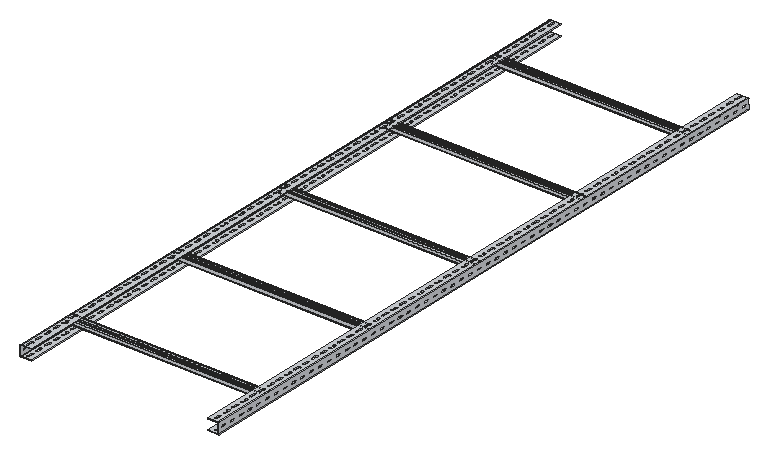
Revit family "steigeleiter_900_FT", category Generic Models, Revit 2017 (continued)
Dimensions and locks
  locked: Extrusion 346 sketch curve to Extrusion 346 sketch curve at 11
  locked: Extrusion 347 sketch curve to Extrusion 347 sketch curve at 11
  locked: Extrusion 348 sketch curve to Extrusion 348 sketch curve at 11
  locked: Extrusion 349 sketch curve to Extrusion 349 sketch curve at 11
  locked: Extrusion 350 sketch curve to Extrusion 350 sketch curve at 11
  locked: Extrusion 351 sketch curve to Extrusion 351 sketch curve at 11
  locked: Extrusion 352 sketch curve to Extrusion 352 sketch curve at 11
  locked: Extrusion 353 sketch curve to Extrusion 353 sketch curve at 11
  locked: Extrusion 354 sketch curve to Extrusion 354 sketch curve at 11
  locked: Extrusion 355 sketch curve to Extrusion 355 sketch curve at 11
  locked: Extrusion 356 sketch curve to Extrusion 356 sketch curve at 11
  locked: Extrusion 357 sketch curve to Extrusion 357 sketch curve at 11
  locked: Extrusion 358 sketch curve to Extrusion 358 sketch curve at 11
  locked: Extrusion 359 sketch curve to Extrusion 359 sketch curve at 11
  locked: Extrusion 360 sketch curve to Extrusion 360 sketch curve at 11
  locked: Extrusion 361 sketch curve to Extrusion 361 sketch curve at 11
  group 357 to group 358 = 0 mm  (x2)
  group 357 to group 358 = 50 mm
  "Length 2": plane 1 "Center (Front/Back)" to plane 6
  locked: Extrusion 362 sketch curve to Extrusion 362 sketch curve at 2  (x5)
  locked: Extrusion 362 sketch curve to Extrusion 362 sketch curve at 3.5
  locked: Extrusion 363 sketch curve to Extrusion 363 sketch curve at 2  (x5)
  locked: Extrusion 363 sketch curve to Extrusion 363 sketch curve at 3.5
  equal spacing: group 359, group 360, group 361, group 362, group 363  (x3)
  locked: Extrusion 364 sketch curve to Extrusion 364 sketch curve at 2  (x5)
  locked: Extrusion 364 sketch curve to Extrusion 364 sketch curve at 3.5
  locked: Extrusion 365 sketch curve to Extrusion 365 sketch curve at 2  (x5)
  locked: Extrusion 365 sketch curve to Extrusion 365 sketch curve at 3.5
  locked: Extrusion 366 sketch curve to Extrusion 366 sketch curve at 2  (x5)
  locked: Extrusion 366 sketch curve to Extrusion 366 sketch curve at 3.5
  aligned and locked: level to plane 2
  aligned and locked: Extrusion 1 sketch curve to level
  aligned and locked: level to Extrusion 1 sketch curve
  aligned and locked: plane 5 to Extrusion 1
  aligned and locked: Extrusion 1 to level
  aligned and locked: Extrusion 1 to Extrusion 2  (x2)
  aligned and locked: Extrusion 1 to Extrusion 62  (x2)
  aligned and locked: cut or joined group 1 (Extrusion 1, Extrusion 2, Extrusion 3, Extrusion 4, Extrusion 5, Extrusion 6, Extrusion 7, Extrusion 8, Extrusion 9, Extrusion 10, Extrusion 11, Extrusion 12, Extrusion 13, Extrusion 14, Extrusion 15, Extrusion 16, Extrusion 17, Extrusion 18, Extrusion 19, Extrusion 20, Extrusion 21, Extrusion 22, Extrusion 23, Extrusion 24, Extrusion 25, Extrusion 26, Extrusion 27, Extrusion 28, Extrusion 29, Extrusion 30, Extrusion 31, Extrusion 32, Extrusion 33, Extrusion 34, Extrusion 35, Extrusion 36, Extrusion 37, Extrusion 38, Extrusion 39, Extrusion 40, Extrusion 41, Extrusion 42, Extrusion 43, Extrusion 44, Extrusion 45, Extrusion 46, Extrusion 47, Extrusion 48, Extrusion 49, Extrusion 50, Extrusion 51, Extrusion 52, Extrusion 53, Extrusion 54, Extrusion 55, Extrusion 56, Extrusion 57, Extrusion 58, Extrusion 59, Extrusion 60, Extrusion 61, Extrusion 62, Extrusion 63, Extrusion 64, Extrusion 65, Extrusion 66, Extrusion 67, Extrusion 68, Extrusion 69, Extrusion 70, Extrusion 71, Extrusion 72, Extrusion 73, Extrusion 74, Extrusion 75, Extrusion 76, Extrusion 77, Extrusion 78, Extrusion 79, Extrusion 80, Extrusion 81, Extrusion 82, Extrusion 83, Extrusion 84, Extrusion 85, Extrusion 86, Extrusion 87, Extrusion 88, Extrusion 89, Extrusion 90, Extrusion 91, Extrusion 92, Extrusion 93, Extrusion 94, Extrusion 95, Extrusion 96, Extrusion 97, Extrusion 98, Extrusion 99, Extrusion 100, Extrusion 101, Extrusion 102, Extrusion 103, Extrusion 104, Extrusion 105, Extrusion 106, Extrusion 107, Extrusion 108, Extrusion 109, Extrusion 110, Extrusion 111, Extrusion 112, Extrusion 113, Extrusion 114, Extrusion 115, Extrusion 116, Extrusion 117, Extrusion 118, Extrusion 119, Extrusion 120, Extrusion 121, Extrusion 122, Extrusion 123, Extrusion 124, Extrusion 125, Extrusion 126, Extrusion 127, Extrusion 128, Extrusion 129, Extrusion 130, Extrusion 131, Extrusion 132, Extrusion 133, Extrusion 134, Extrusion 135, Extrusion 136, Extrusion 137, Extrusion 138, Extrusion 139, Extrusion 140, Extrusion 141, Extrusion 142, Extrusion 143, Extrusion 144, Extrusion 145, Extrusion 146, Extrusion 147, Extrusion 148, Extrusion 149, Extrusion 150, Extrusion 151, Extrusion 152, Extrusion 153, Extrusion 154, Extrusion 155, Extrusion 156, Extrusion 157, Extrusion 158, Extrusion 159, Extrusion 160, Extrusion 161, Extrusion 162, Extrusion 163, Extrusion 164, Extrusion 165, Extrusion 166, Extrusion 167, Extrusion 168, Extrusion 169, Extrusion 170, Extrusion 171, Extrusion 172, Extrusion 173, Extrusion 174, Extrusion 175, Extrusion 176, Extrusion 177, Extrusion 178, Extrusion 179, Extrusion 180, Extrusion 181, Extrusion 182, Extrusion 183, Extrusion 184, Extrusion 185, Extrusion 186, Extrusion 187, Extrusion 188, Extrusion 189, Extrusion 190, Extrusion 191, Extrusion 192, Extrusion 193, Extrusion 194, Extrusion 195, Extrusion 196, Extrusion 197, Extrusion 198, Extrusion 199, Extrusion 200, Extrusion 201, Extrusion 202, Extrusion 203, Extrusion 204, Extrusion 205, Extrusion 206, Extrusion 207, Extrusion 208, Extrusion 209, Extrusion 210, Extrusion 211, Extrusion 212, Extrusion 213, Extrusion 214, Extrusion 215, Extrusion 216, Extrusion 217, Extrusion 218, Extrusion 219, Extrusion 220, Extrusion 221, Extrusion 222, Extrusion 223, Extrusion 224, Extrusion 225, Extrusion 226, Extrusion 227, Extrusion 228, Extrusion 229, Extrusion 230, Extrusion 231, Extrusion 232, Extrusion 233, Extrusion 234, Extrusion 235, Extrusion 236, Extrusion 237, Extrusion 238, Extrusion 239, Extrusion 240, Extrusion 241, Extrusion 242, Extrusion 243, Extrusion 244, Extrusion 245, Extrusion 246, Extrusion 247, Extrusion 248, Extrusion 249, Extrusion 250, Extrusion 251, Extrusion 252, Extrusion 253, Extrusion 254, Extrusion 255, Extrusion 256, Extrusion 257, Extrusion 258, Extrusion 259, Extrusion 260, Extrusion 261, Extrusion 262, Extrusion 263, Extrusion 264, Extrusion 265, Extrusion 266, Extrusion 267, Extrusion 268, Extrusion 269, Extrusion 270, Extrusion 271, Extrusion 272, Extrusion 273, Extrusion 274, Extrusion 275, Extrusion 276, Extrusion 277, Extrusion 278, Extrusion 279, Extrusion 280, Extrusion 281, Extrusion 282, Extrusion 283, Extrusion 284, Extrusion 285, Extrusion 286, Extrusion 287, Extrusion 288, Extrusion 289, Extrusion 290, Extrusion 291, Extrusion 292, Extrusion 293, Extrusion 294, Extrusion 295, Extrusion 296, Extrusion 297, Extrusion 298, Extrusion 299, Extrusion 300, Extrusion 301, Extrusion 302, Extrusion 303, Extrusion 304, Extrusion 305, Extrusion 306, Extrusion 307, Extrusion 308, Extrusion 309, Extrusion 310, Extrusion 311, Extrusion 312, Extrusion 313, Extrusion 314, Extrusion 315, Extrusion 316, Extrusion 317, Extrusion 318, Extrusion 319, Extrusion 320, Extrusion 321, Extrusion 322, Extrusion 323, Extrusion 324, Extrusion 325, Extrusion 326, Extrusion 327, Extrusion 328, Extrusion 329, Extrusion 330, Extrusion 331, Extrusion 332, Extrusion 333, Extrusion 334, Extrusion 335, Extrusion 336, Extrusion 337, Extrusion 338, Extrusion 339, Extrusion 340, Extrusion 341, Extrusion 342, Extrusion 343, Extrusion 344, Extrusion 345, Extrusion 346, Extrusion 347, Extrusion 348, Extrusion 349, Extrusion 350, Extrusion 351, Extrusion 352, Extrusion 353, Extrusion 354, Extrusion 355, Extrusion 356, Extrusion 357, Extrusion 358, Extrusion 359, Extrusion 360, Extrusion 361) to cut or joined group of Extrusion 1, Extrusion 2, Extrusion 3, Extrusion 4, Extrusion 5, Extrusion 6, Extrusion 7, Extrusion 8, Extrusion 9, Extrusion 10, Extrusion 11, Extrusion 12, Extrusion 13, Extrusion 14, Extrusion 15, Extrusion 16, Extrusion 17, Extrusion 18, Extrusion 19, Extrusion 20, Extrusion 21, Extrusion 22, Extrusion 23, Extrusion 24, Extrusion 25, Extrusion 26, Extrusion 27, Extrusion 28, Extrusion 29, Extrusion 30, Extrusion 31, Extrusion 32, Extrusion 33, Extrusion 34, Extrusion 35, Extrusion 36, Extrusion 37, Extrusion 38, Extrusion 39, Extrusion 40, Extrusion 41, Extrusion 42, Extrusion 43, Extrusion 44, Extrusion 45, Extrusion 46, Extrusion 47, Extrusion 48, Extrusion 49, Extrusion 50, Extrusion 51, Extrusion 52, Extrusion 53, Extrusion 54, Extrusion 55, Extrusion 56, Extrusion 57, Extrusion 58, Extrusion 59, Extrusion 60, Extrusion 61, Extrusion 62, Extrusion 63, Extrusion 64, Extrusion 65, Extrusion 66, Extrusion 67, Extrusion 68, Extrusion 69, Extrusion 70, Extrusion 71, Extrusion 72, Extrusion 73, Extrusion 74, Extrusion 75, Extrusion 76, Extrusion 77, Extrusion 78, Extrusion 79, Extrusion 80, Extrusion 81, Extrusion 82, Extrusion 83, Extrusion 84, Extrusion 85, Extrusion 86, Extrusion 87, Extrusion 88, Extrusion 89, Extrusion 90, Extrusion 91, Extrusion 92, Extrusion 93, Extrusion 94, Extrusion 95, Extrusion 96, Extrusion 97, Extrusion 98, Extrusion 99, Extrusion 100, Extrusion 101, Extrusion 102, Extrusion 103, Extrusion 104, Extrusion 105, Extrusion 106, Extrusion 107, Extrusion 108, Extrusion 109, Extrusion 110, Extrusion 111, Extrusion 112, Extrusion 113, Extrusion 114, Extrusion 115, Extrusion 116, Extrusion 117, Extrusion 118, Extrusion 119, Extrusion 120, Extrusion 121, Extrusion 122, Extrusion 123, Extrusion 124, Extrusion 125, Extrusion 126, Extrusion 127, Extrusion 128, Extrusion 129, Extrusion 130, Extrusion 131, Extrusion 132, Extrusion 133, Extrusion 134, Extrusion 135, Extrusion 136, Extrusion 137, Extrusion 138, Extrusion 139, Extrusion 140, Extrusion 141, Extrusion 142, Extrusion 143, Extrusion 144, Extrusion 145, Extrusion 146, Extrusion 147, Extrusion 148, Extrusion 149, Extrusion 150, Extrusion 151, Extrusion 152, Extrusion 153, Extrusion 154, Extrusion 155, Extrusion 156, Extrusion 157, Extrusion 158, Extrusion 159, Extrusion 160, Extrusion 161, Extrusion 162, Extrusion 163, Extrusion 164, Extrusion 165, Extrusion 166, Extrusion 167, Extrusion 168, Extrusion 169, Extrusion 170, Extrusion 171, Extrusion 172, Extrusion 173, Extrusion 174, Extrusion 175, Extrusion 176, Extrusion 177, Extrusion 178, Extrusion 179, Extrusion 180, Extrusion 181, Extrusion 182, E
    xtrusion 183, Extrusion 184, Extrusion 185, Extrusion 186, Extrusion 187, Extrusion 188, Extrusion 189, Extrusion 190, Extrusion 191, Extrusion 192, Extrusion 193, Extrusion 194, Extrusion 195, Extrusion 196, Extrusion 197, Extrusion 198, Extrusion 199, Extrusion 200, Extrusion 201, Extrusion 202, Extrusion 203, Extrusion 204, Extrusion 205, Extrusion 206, Extrusion 207, Extrusion 208, Extrusion 209, Extrusion 210, Extrusion 211, Extrusion 212, Extrusion 213, Extrusion 214, Extrusion 215, Extrusion 216, Extrusion 217, Extrusion 218, Extrusion 219, Extrusion 220, Extrusion 221, Extrusion 222, Extrusion 223, Extrusion 224, Extrusion 225, Extrusion 226, Extrusion 227, Extrusion 228, Extrusion 229, Extrusion 230, Extrusion 231, Extrusion 232, Extrusion 233, Extrusion 234, Extrusion 235, Extrusion 236, Extrusion 237, Extrusion 238, Extrusion 239, Extrusion 240, Extrusion 241, Extrusion 242, Extrusion 243, Extrusion 244, Extrusion 245, Extrusion 246, Extrusion 247, Extrusion 248, Extrusion 249, Extrusion 250, Extrusion 251, Extrusion 252, Extrusion 253, Extrusion 254, Extrusion 255, Extrusion 256, Extrusion 257, Extrusion 258, Extrusion 259, Extrusion 260, Extrusion 261, Extrusion 262, Extrusion 263, Extrusion 264, Extrusion 265, Extrusion 266, Extrusion 267, Extrusion 268, Extrusion 269, Extrusion 270, Extrusion 271, Extrusion 272, Extrusion 273, Extrusion 274, Extrusion 275, Extrusion 276, Extrusion 277, Extrusion 278, Extrusion 279, Extrusion 280, Extrusion 281, Extrusion 282, Extrusion 283, Extrusion 284, Extrusion 285, Extrusion 286, Extrusion 287, Extrusion 288, Extrusion 289, Extrusion 290, Extrusion 291, Extrusion 292, Extrusion 293, Extrusion 294, Extrusion 295, Extrusion 296, Extrusion 297, Extrusion 298, Extrusion 299, Extrusion 300, Extrusion 301, Extrusion 302, Extrusion 303, Extrusion 304, Extrusion 305, Extrusion 306, Extrusion 307, Extrusion 308, Extrusion 309, Extrusion 310, Extrusion 311, Extrusion 312, Extrusion 313, Extrusion 314, Extrusion 315, Extrusion 316, Extrusion 317, Extrusion 318, Extrusion 319, Extrusion 320, Extrusion 321, Extrusion 322, Extrusion 323, Extrusion 324, Extrusion 325, Extrusion 326, Extrusion 327, Extrusion 328, Extrusion 329, Extrusion 330, Extrusion 331, Extrusion 332, Extrusion 333, Extrusion 334, Extrusion 335, Extrusion 336, Extrusion 337, Extrusion 338, Extrusion 339, Extrusion 340, Extrusion 341, Extrusion 342, Extrusion 343, Extrusion 344, Extrusion 345, Extrusion 346, Extrusion 347, Extrusion 348, Extrusion 349, Extrusion 350, Extrusion 351, Extrusion 352, Extrusion 353, Extrusion 354, Extrusion 355, Extrusion 356, Extrusion 357, Extrusion 358, Extrusion 359, Extrusion 360, Extrusion 361  (x3)
  aligned and locked: Extrusion 241 to level
  aligned and locked: Extrusion 301 to level
  aligned and locked: Extrusion 362 sketch curve to Extrusion 362 sketch curve
  aligned and locked: Extrusion 362 to cut or joined group 1  (x2)
  aligned and locked: cut or joined group 1 to Extrusion 362
  aligned and locked: Extrusion 363 sketch curve to Extrusion 363 sketch curve
  aligned and locked: Extrusion 364 sketch curve to Extrusion 364 sketch curve
  aligned and locked: Extrusion 365 sketch curve to Extrusion 365 sketch curve
  aligned and locked: Extrusion 366 sketch curve to Extrusion 366 sketch curve
Automatic sketch dimensions
  Extrusion 1 sketch curve to Extrusion 1 sketch curve = 1.5 mm  (x3)
  Extrusion 1 sketch curve to Extrusion 1 sketch curve = 3.273 mm
  Extrusion 1 sketch curve to Extrusion 1 sketch curve = 1.011 mm
  Extrusion 1 sketch curve to Extrusion 1 sketch curve = 1.773 mm
  Extrusion 1 sketch curve to Extrusion 1 sketch curve = 0 mm  (x2)
  Extrusion 1 sketch curve to plane 3 "Center (Left/Right)" = 400 mm
  plane 3 "Center (Left/Right)" to Extrusion 1 sketch curve = 400 mm
  Extrusion 2 sketch curve to Extrusion 2 sketch curve = 19 mm
  Extrusion 3 sketch curve to Extrusion 3 sketch curve = 19 mm
  Extrusion 4 sketch curve to Extrusion 4 sketch curve = 19 mm
  Extrusion 5 sketch curve to Extrusion 5 sketch curve = 19 mm
  Extrusion 6 sketch curve to Extrusion 6 sketch curve = 19 mm
  Extrusion 7 sketch curve to Extrusion 7 sketch curve = 19 mm
  Extrusion 8 sketch curve to Extrusion 8 sketch curve = 19 mm
  Extrusion 9 sketch curve to Extrusion 9 sketch curve = 19 mm
  Extrusion 10 sketch curve to Extrusion 10 sketch curve = 19 mm
  Extrusion 11 sketch curve to Extrusion 11 sketch curve = 19 mm
  Extrusion 12 sketch curve to Extrusion 12 sketch curve = 19 mm
  Extrusion 13 sketch curve to Extrusion 13 sketch curve = 19 mm
  Extrusion 14 sketch curve to Extrusion 14 sketch curve = 19 mm
  Extrusion 15 sketch curve to Extrusion 15 sketch curve = 19 mm
  Extrusion 16 sketch curve to Extrusion 16 sketch curve = 19 mm
  Extrusion 17 sketch curve to Extrusion 17 sketch curve = 19 mm
  Extrusion 18 sketch curve to Extrusion 18 sketch curve = 19 mm
  Extrusion 19 sketch curve to Extrusion 19 sketch curve = 19 mm
  Extrusion 20 sketch curve to Extrusion 20 sketch curve = 19 mm
  Extrusion 21 sketch curve to Extrusion 21 sketch curve = 19 mm
  Extrusion 22 sketch curve to Extrusion 22 sketch curve = 19 mm
  Extrusion 23 sketch curve to Extrusion 23 sketch curve = 19 mm
  Extrusion 24 sketch curve to Extrusion 24 sketch curve = 19 mm
  Extrusion 25 sketch curve to Extrusion 25 sketch curve = 19 mm
  Extrusion 26 sketch curve to Extrusion 26 sketch curve = 19 mm
  Extrusion 27 sketch curve to Extrusion 27 sketch curve = 19 mm
  Extrusion 28 sketch curve to Extrusion 28 sketch curve = 19 mm
  Extrusion 29 sketch curve to Extrusion 29 sketch curve = 19 mm
  Extrusion 30 sketch curve to Extrusion 30 sketch curve = 19 mm
  Extrusion 31 sketch curve to Extrusion 31 sketch curve = 19 mm
  Extrusion 32 sketch curve to Extrusion 32 sketch curve = 19 mm
  Extrusion 33 sketch curve to Extrusion 33 sketch curve = 19 mm
  Extrusion 34 sketch curve to Extrusion 34 sketch curve = 19 mm
  Extrusion 35 sketch curve to Extrusion 35 sketch curve = 19 mm
  Extrusion 36 sketch curve to Extrusion 36 sketch curve = 19 mm
  Extrusion 37 sketch curve to Extrusion 37 sketch curve = 19 mm
  Extrusion 38 sketch curve to Extrusion 38 sketch curve = 19 mm
  Extrusion 39 sketch curve to Extrusion 39 sketch curve = 19 mm
  Extrusion 40 sketch curve to Extrusion 40 sketch curve = 19 mm
  Extrusion 41 sketch curve to Extrusion 41 sketch curve = 19 mm
  Extrusion 42 sketch curve to Extrusion 42 sketch curve = 19 mm
  Extrusion 43 sketch curve to Extrusion 43 sketch curve = 19 mm
  Extrusion 44 sketch curve to Extrusion 44 sketch curve = 19 mm
  Extrusion 45 sketch curve to Extrusion 45 sketch curve = 19 mm
  Extrusion 46 sketch curve to Extrusion 46 sketch curve = 19 mm
  Extrusion 47 sketch curve to Extrusion 47 sketch curve = 19 mm
  Extrusion 48 sketch curve to Extrusion 48 sketch curve = 19 mm
  Extrusion 49 sketch curve to Extrusion 49 sketch curve = 19 mm
  Extrusion 50 sketch curve to Extrusion 50 sketch curve = 19 mm
  Extrusion 51 sketch curve to Extrusion 51 sketch curve = 19 mm
  Extrusion 52 sketch curve to Extrusion 52 sketch curve = 19 mm
  Extrusion 53 sketch curve to Extrusion 53 sketch curve = 19 mm
  Extrusion 54 sketch curve to Extrusion 54 sketch curve = 19 mm
  Extrusion 55 sketch curve to Extrusion 55 sketch curve = 19 mm
  Extrusion 56 sketch curve to Extrusion 56 sketch curve = 19 mm
  Extrusion 57 sketch curve to Extrusion 57 sketch curve = 19 mm
  Extrusion 58 sketch curve to Extrusion 58 sketch curve = 19 mm
  Extrusion 59 sketch curve to Extrusion 59 sketch curve = 19 mm
  Extrusion 60 sketch curve to Extrusion 60 sketch curve = 19 mm
  Extrusion 61 sketch curve to Extrusion 61 sketch curve = 19 mm
  Extrusion 62 sketch curve to Extrusion 62 sketch curve = 19 mm
  Extrusion 63 sketch curve to Extrusion 63 sketch curve = 19 mm
  Extrusion 64 sketch curve to Extrusion 64 sketch curve = 19 mm
  Extrusion 65 sketch curve to Extrusion 65 sketch curve = 19 mm
  Extrusion 66 sketch curve to Extrusion 66 sketch curve = 19 mm
  Extrusion 67 sketch curve to Extrusion 67 sketch curve = 19 mm
  Extrusion 68 sketch curve to Extrusion 68 sketch curve = 19 mm
  Extrusion 69 sketch curve to Extrusion 69 sketch curve = 19 mm
  Extrusion 70 sketch curve to Extrusion 70 sketch curve = 19 mm
  Extrusion 71 sketch curve to Extrusion 71 sketch curve = 19 mm
  Extrusion 72 sketch curve to Extrusion 72 sketch curve = 19 mm
  Extrusion 73 sketch curve to Extrusion 73 sketch curve = 19 mm
  Extrusion 74 sketch curve to Extrusion 74 sketch curve = 19 mm
  Extrusion 75 sketch curve to Extrusion 75 sketch curve = 19 mm
  Extrusion 76 sketch curve to Extrusion 76 sketch curve = 19 mm
  Extrusion 77 sketch curve to Extrusion 77 sketch curve = 19 mm
  Extrusion 78 sketch curve to Extrusion 78 sketch curve = 19 mm
  Extrusion 79 sketch curve to Extrusion 79 sketch curve = 19 mm
  Extrusion 80 sketch curve to Extrusion 80 sketch curve = 19 mm
  Extrusion 81 sketch curve to Extrusion 81 sketch curve = 19 mm
  Extrusion 82 sketch curve to Extrusion 82 sketch curve = 19 mm
  Extrusion 83 sketch curve to Extrusion 83 sketch curve = 19 mm
  Extrusion 84 sketch curve to Extrusion 84 sketch curve = 19 mm
  Extrusion 85 sketch curve to Extrusion 85 sketch curve = 19 mm
  Extrusion 86 sketch curve to Extrusion 86 sketch curve = 19 mm
  Extrusion 87 sketch curve to Extrusion 87 sketch curve = 19 mm
  Extrusion 88 sketch curve to Extrusion 88 sketch curve = 19 mm
  Extrusion 89 sketch curve to Extrusion 89 sketch curve = 19 mm
  Extrusion 90 sketch curve to Extrusion 90 sketch curve = 19 mm
  Extrusion 91 sketch curve to Extrusion 91 sketch curve = 19 mm
  Extrusion 92 sketch curve to Extrusion 92 sketch curve = 19 mm
  Extrusion 93 sketch curve to Extrusion 93 sketch curve = 19 mm
  Extrusion 94 sketch curve to Extrusion 94 sketch curve = 19 mm
  Extrusion 95 sketch curve to Extrusion 95 sketch curve = 19 mm
  Extrusion 96 sketch curve to Extrusion 96 sketch curve = 19 mm
  Extrusion 97 sketch curve to Extrusion 97 sketch curve = 19 mm
  Extrusion 98 sketch curve to Extrusion 98 sketch curve = 19 mm
  Extrusion 99 sketch curve to Extrusion 99 sketch curve = 19 mm
  Extrusion 100 sketch curve to Extrusion 100 sketch curve = 19 mm
  Extrusion 101 sketch curve to Extrusion 101 sketch curve = 19 mm
  Extrusion 102 sketch curve to Extrusion 102 sketch curve = 19 mm
  Extrusion 103 sketch curve to Extrusion 103 sketch curve = 19 mm
  Extrusion 104 sketch curve to Extrusion 104 sketch curve = 19 mm
  Extrusion 105 sketch curve to Extrusion 105 sketch curve = 19 mm
  Extrusion 106 sketch curve to Extrusion 106 sketch curve = 19 mm
  Extrusion 107 sketch curve to Extrusion 107 sketch curve = 19 mm
  Extrusion 108 sketch curve to Extrusion 108 sketch curve = 19 mm
  Extrusion 109 sketch curve to Extrusion 109 sketch curve = 19 mm
  Extrusion 110 sketch curve to Extrusion 110 sketch curve = 19 mm
  Extrusion 111 sketch curve to Extrusion 111 sketch curve = 19 mm
  Extrusion 112 sketch curve to Extrusion 112 sketch curve = 19 mm
  Extrusion 113 sketch curve to Extrusion 113 sketch curve = 19 mm
  Extrusion 114 sketch curve to Extrusion 114 sketch curve = 19 mm
  Extrusion 115 sketch curve to Extrusion 115 sketch curve = 19 mm
  Extrusion 116 sketch curve to Extrusion 116 sketch curve = 19 mm
  Extrusion 117 sketch curve to Extrusion 117 sketch curve = 19 mm
  Extrusion 118 sketch curve to Extrusion 118 sketch curve = 19 mm
  Extrusion 119 sketch curve to Extrusion 119 sketch curve = 19 mm
  Extrusion 120 sketch curve to Extrusion 120 sketch curve = 19 mm
  Extrusion 121 sketch curve to Extrusion 121 sketch curve = 19 mm
  Extrusion 122 sketch curve to Extrusion 122 sketch curve = 19 mm
  Extrusion 123 sketch curve to Extrusion 123 sketch curve = 19 mm
  Extrusion 124 sketch curve to Extrusion 124 sketch curve = 19 mm
  Extrusion 125 sketch curve to Extrusion 125 sketch curve = 19 mm
  Extrusion 126 sketch curve to Extrusion 126 sketch curve = 19 mm
  Extrusion 127 sketch curve to Extrusion 127 sketch curve = 19 mm
  Extrusion 128 sketch curve to Extrusion 128 sketch curve = 19 mm
  Extrusion 129 sketch curve to Extrusion 129 sketch curve = 19 mm
  Extrusion 130 sketch curve to Extrusion 130 sketch curve = 19 mm
  Extrusion 131 sketch curve to Extrusion 131 sketch curve = 19 mm
  Extrusion 132 sketch curve to Extrusion 132 sketch curve = 19 mm
  Extrusion 133 sketch curve to Extrusion 133 sketch curve = 19 mm
  Extrusion 134 sketch curve to Extrusion 134 sketch curve = 19 mm
  Extrusion 135 sketch curve to Extrusion 135 sketch curve = 19 mm
  Extrusion 136 sketch curve to Extrusion 136 sketch curve = 19 mm
  Extrusion 137 sketch curve to Extrusion 137 sketch curve = 19 mm
  Extrusion 138 sketch curve to Extrusion 138 sketch curve = 19 mm
  Extrusion 139 sketch curve to Extrusion 139 sketch curve = 19 mm
  Extrusion 140 sketch curve to Extrusion 140 sketch curve = 19 mm
  Extrusion 141 sketch curve to Extrusion 141 sketch curve = 19 mm
  Extrusion 142 sketch curve to Extrusion 142 sketch curve = 19 mm
  Extrusion 143 sketch curve to Extrusion 143 sketch curve = 19 mm
  Extrusion 144 sketch curve to Extrusion 144 sketch curve = 19 mm
  Extrusion 145 sketch curve to Extrusion 145 sketch curve = 19 mm
  Extrusion 146 sketch curve to Extrusion 146 sketch curve = 19 mm
  Extrusion 147 sketch curve to Extrusion 147 sketch curve = 19 mm
  Extrusion 148 sketch curve to Extrusion 148 sketch curve = 19 mm
  Extrusion 149 sketch curve to Extrusion 149 sketch curve = 19 mm
  Extrusion 150 sketch curve to Extrusion 150 sketch curve = 19 mm
  Extrusion 151 sketch curve to Extrusion 151 sketch curve = 19 mm
  Extrusion 152 sketch curve to Extrusion 152 sketch curve = 19 mm
  Extrusion 153 sketch curve to Extrusion 153 sketch curve = 19 mm
  Extrusion 154 sketch curve to Extrusion 154 sketch curve = 19 mm
  Extrusion 155 sketch curve to Extrusion 155 sketch curve = 19 mm
  Extrusion 156 sketch curve to Extrusion 156 sketch curve = 19 mm
  Extrusion 157 sketch curve to Extrusion 157 sketch curve = 19 mm
  Extrusion 158 sketch curve to Extrusion 158 sketch curve = 19 mm
  Extrusion 159 sketch curve to Extrusion 159 sketch curve = 19 mm
  Extrusion 160 sketch curve to Extrusion 160 sketch curve = 19 mm
  Extrusion 161 sketch curve to Extrusion 161 sketch curve = 19 mm
  Extrusion 162 sketch curve to Extrusion 162 sketch curve = 19 mm
  Extrusion 163 sketch curve to Extrusion 163 sketch curve = 19 mm
  Extrusion 164 sketch curve to Extrusion 164 sketch curve = 19 mm
  Extrusion 165 sketch curve to Extrusion 165 sketch curve = 19 mm
  Extrusion 166 sketch curve to Extrusion 166 sketch curve = 19 mm
  Extrusion 167 sketch curve to Extrusion 167 sketch curve = 19 mm
  Extrusion 168 sketch curve to Extrusion 168 sketch curve = 19 mm
  Extrusion 169 sketch curve to Extrusion 169 sketch curve = 19 mm
  Extrusion 170 sketch curve to Extrusion 170 sketch curve = 19 mm
  Extrusion 171 sketch curve to Extrusion 171 sketch curve = 19 mm
  Extrusion 172 sketch curve to Extrusion 172 sketch curve = 19 mm
  Extrusion 173 sketch curve to Extrusion 173 sketch curve = 19 mm
  Extrusion 174 sketch curve to Extrusion 174 sketch curve = 19 mm
  Extrusion 175 sketch curve to Extrusion 175 sketch curve = 19 mm
  Extrusion 176 sketch curve to Extrusion 176 sketch curve = 19 mm
  Extrusion 177 sketch curve to Extrusion 177 sketch curve = 19 mm
  Extrusion 178 sketch curve to Extrusion 178 sketch curve = 19 mm
  Extrusion 179 sketch curve to Extrusion 179 sketch curve = 19 mm
  Extrusion 180 sketch curve to Extrusion 180 sketch curve = 19 mm
  Extrusion 181 sketch curve to Extrusion 181 sketch curve = 19 mm
  Extrusion 182 sketch curve to Extrusion 182 sketch curve = 19 mm
  Extrusion 183 sketch curve to Extrusion 183 sketch curve = 19 mm
  Extrusion 184 sketch curve to Extrusion 184 sketch curve = 19 mm
  Extrusion 185 sketch curve to Extrusion 185 sketch curve = 19 mm
  Extrusion 186 sketch curve to Extrusion 186 sketch curve = 19 mm
  Extrusion 187 sketch curve to Extrusion 187 sketch curve = 19 mm
  Extrusion 188 sketch curve to Extrusion 188 sketch curve = 19 mm
  Extrusion 189 sketch curve to Extrusion 189 sketch curve = 19 mm
  Extrusion 190 sketch curve to Extrusion 190 sketch curve = 19 mm
  Extrusion 191 sketch curve to Extrusion 191 sketch curve = 19 mm
  Extrusion 192 sketch curve to Extrusion 192 sketch curve = 19 mm
  Extrusion 193 sketch curve to Extrusion 193 sketch curve = 19 mm
  Extrusion 194 sketch curve to Extrusion 194 sketch curve = 19 mm
  Extrusion 195 sketch curve to Extrusion 195 sketch curve = 19 mm
  Extrusion 196 sketch curve to Extrusion 196 sketch curve = 19 mm
  Extrusion 197 sketch curve to Extrusion 197 sketch curve = 19 mm
  Extrusion 198 sketch curve to Extrusion 198 sketch curve = 19 mm
  Extrusion 199 sketch curve to Extrusion 199 sketch curve = 19 mm
  Extrusion 200 sketch curve to Extrusion 200 sketch curve = 19 mm
  Extrusion 201 sketch curve to Extrusion 201 sketch curve = 19 mm
  Extrusion 202 sketch curve to Extrusion 202 sketch curve = 19 mm
  Extrusion 203 sketch curve to Extrusion 203 sketch curve = 19 mm
  Extrusion 204 sketch curve to Extrusion 204 sketch curve = 19 mm
  Extrusion 205 sketch curve to Extrusion 205 sketch curve = 19 mm
  Extrusion 206 sketch curve to Extrusion 206 sketch curve = 19 mm
  Extrusion 207 sketch curve to Extrusion 207 sketch curve = 19 mm
  Extrusion 208 sketch curve to Extrusion 208 sketch curve = 19 mm
  Extrusion 209 sketch curve to Extrusion 209 sketch curve = 19 mm
  Extrusion 210 sketch curve to Extrusion 210 sketch curve = 19 mm
  Extrusion 211 sketch curve to Extrusion 211 sketch curve = 19 mm
  Extrusion 212 sketch curve to Extrusion 212 sketch curve = 19 mm
  Extrusion 213 sketch curve to Extrusion 213 sketch curve = 19 mm
  Extrusion 214 sketch curve to Extrusion 214 sketch curve = 19 mm
  Extrusion 215 sketch curve to Extrusion 215 sketch curve = 19 mm
  Extrusion 216 sketch curve to Extrusion 216 sketch curve = 19 mm
  Extrusion 217 sketch curve to Extrusion 217 sketch curve = 19 mm
  Extrusion 218 sketch curve to Extrusion 218 sketch curve = 19 mm
  Extrusion 219 sketch curve to Extrusion 219 sketch curve = 19 mm
  Extrusion 220 sketch curve to Extrusion 220 sketch curve = 19 mm
  Extrusion 221 sketch curve to Extrusion 221 sketch curve = 19 mm
  Extrusion 222 sketch curve to Extrusion 222 sketch curve = 19 mm
  Extrusion 223 sketch curve to Extrusion 223 sketch curve = 19 mm
  Extrusion 224 sketch curve to Extrusion 224 sketch curve = 19 mm
  Extrusion 225 sketch curve to Extrusion 225 sketch curve = 19 mm
  Extrusion 226 sketch curve to Extrusion 226 sketch curve = 19 mm
  Extrusion 227 sketch curve to Extrusion 227 sketch curve = 19 mm
  Extrusion 228 sketch curve to Extrusion 228 sketch curve = 19 mm
  Extrusion 229 sketch curve to Extrusion 229 sketch curve = 19 mm
  Extrusion 230 sketch curve to Extrusion 230 sketch curve = 19 mm
  Extrusion 231 sketch curve to Extrusion 231 sketch curve = 19 mm
  Extrusion 232 sketch curve to Extrusion 232 sketch curve = 19 mm
  Extrusion 233 sketch curve to Extrusion 233 sketch curve = 19 mm
  Extrusion 234 sketch curve to Extrusion 234 sketch curve = 19 mm
  Extrusion 235 sketch curve to Extrusion 235 sketch curve = 19 mm
  Extrusion 236 sketch curve to Extrusion 236 sketch curve = 19 mm
  Extrusion 237 sketch curve to Extrusion 237 sketch curve = 19 mm
  Extrusion 238 sketch curve to Extrusion 238 sketch curve = 19 mm
  Extrusion 239 sketch curve to Extrusion 239 sketch curve = 19 mm
  Extrusion 240 sketch curve to Extrusion 240 sketch curve = 19 mm
  Extrusion 2 sketch curve to plane 1 "Center (Front/Back)" = 15.5 mm
  Extrusion 2 sketch curve to plane 3 "Center (Left/Right)" = 430.5 mm
  Extrusion 241 sketch curve to Extrusion 241 sketch curve = 19 mm
  Extrusion 242 sketch curve to Extrusion 242 sketch curve = 19 mm
  Extrusion 243 sketch curve to Extrusion 243 sketch curve = 19 mm
  Extrusion 244 sketch curve to Extrusion 244 sketch curve = 19 mm
  Extrusion 245 sketch curve to Extrusion 245 sketch curve = 19 mm
  Extrusion 246 sketch curve to Extrusion 246 sketch curve = 19 mm
  Extrusion 247 sketch curve to Extrusion 247 sketch curve = 19 mm
  Extrusion 248 sketch curve to Extrusion 248 sketch curve = 19 mm
  Extrusion 249 sketch curve to Extrusion 249 sketch curve = 19 mm
  Extrusion 250 sketch curve to Extrusion 250 sketch curve = 19 mm
  Extrusion 251 sketch curve to Extrusion 251 sketch curve = 19 mm
  Extrusion 252 sketch curve to Extrusion 252 sketch curve = 19 mm
  Extrusion 253 sketch curve to Extrusion 253 sketch curve = 19 mm
  Extrusion 254 sketch curve to Extrusion 254 sketch curve = 19 mm
  Extrusion 255 sketch curve to Extrusion 255 sketch curve = 19 mm
  Extrusion 256 sketch curve to Extrusion 256 sketch curve = 19 mm
  Extrusion 257 sketch curve to Extrusion 257 sketch curve = 19 mm
  Extrusion 258 sketch curve to Extrusion 258 sketch curve = 19 mm
  Extrusion 259 sketch curve to Extrusion 259 sketch curve = 19 mm
  Extrusion 260 sketch curve to Extrusion 260 sketch curve = 19 mm
  Extrusion 261 sketch curve to Extrusion 261 sketch curve = 19 mm
  Extrusion 262 sketch curve to Extrusion 262 sketch curve = 19 mm
  Extrusion 263 sketch curve to Extrusion 263 sketch curve = 19 mm
  Extrusion 264 sketch curve to Extrusion 264 sketch curve = 19 mm
  Extrusion 265 sketch curve to Extrusion 265 sketch curve = 19 mm
  Extrusion 266 sketch curve to Extrusion 266 sketch curve = 19 mm
  Extrusion 267 sketch curve to Extrusion 267 sketch curve = 19 mm
  Extrusion 268 sketch curve to Extrusion 268 sketch curve = 19 mm
  Extrusion 269 sketch curve to Extrusion 269 sketch curve = 19 mm
  Extrusion 270 sketch curve to Extrusion 270 sketch curve = 19 mm
  Extrusion 271 sketch curve to Extrusion 271 sketch curve = 19 mm
  Extrusion 272 sketch curve to Extrusion 272 sketch curve = 19 mm
  Extrusion 273 sketch curve to Extrusion 273 sketch curve = 19 mm
  Extrusion 274 sketch curve to Extrusion 274 sketch curve = 19 mm
  Extrusion 275 sketch curve to Extrusion 275 sketch curve = 19 mm
  Extrusion 276 sketch curve to Extrusion 276 sketch curve = 19 mm
  Extrusion 277 sketch curve to Extrusion 277 sketch curve = 19 mm
  Extrusion 278 sketch curve to Extrusion 278 sketch curve = 19 mm
  Extrusion 279 sketch curve to Extrusion 279 sketch curve = 19 mm
  Extrusion 280 sketch curve to Extrusion 280 sketch curve = 19 mm
  Extrusion 281 sketch curve to Extrusion 281 sketch curve = 19 mm
  Extrusion 282 sketch curve to Extrusion 282 sketch curve = 19 mm
  Extrusion 283 sketch curve to Extrusion 283 sketch curve = 19 mm
  Extrusion 284 sketch curve to Extrusion 284 sketch curve = 19 mm
  Extrusion 285 sketch curve to Extrusion 285 sketch curve = 19 mm
  Extrusion 286 sketch curve to Extrusion 286 sketch curve = 19 mm
  Extrusion 287 sketch curve to Extrusion 287 sketch curve = 19 mm
  Extrusion 288 sketch curve to Extrusion 288 sketch curve = 19 mm
  Extrusion 289 sketch curve to Extrusion 289 sketch curve = 19 mm
  Extrusion 290 sketch curve to Extrusion 290 sketch curve = 19 mm
  Extrusion 291 sketch curve to Extrusion 291 sketch curve = 19 mm
  Extrusion 292 sketch curve to Extrusion 292 sketch curve = 19 mm
  Extrusion 293 sketch curve to Extrusion 293 sketch curve = 19 mm
  Extrusion 294 sketch curve to Extrusion 294 sketch curve = 19 mm
  Extrusion 295 sketch curve to Extrusion 295 sketch curve = 19 mm
  Extrusion 296 sketch curve to Extrusion 296 sketch curve = 19 mm
  Extrusion 297 sketch curve to Extrusion 297 sketch curve = 19 mm
  Extrusion 298 sketch curve to Extrusion 298 sketch curve = 19 mm
  Extrusion 299 sketch curve to Extrusion 299 sketch curve = 19 mm
  Extrusion 300 sketch curve to Extrusion 300 sketch curve = 19 mm
  Extrusion 301 sketch curve to Extrusion 301 sketch curve = 19 mm
  Extrusion 302 sketch curve to Extrusion 302 sketch curve = 19 mm
  Extrusion 303 sketch curve to Extrusion 303 sketch curve = 19 mm
  Extrusion 304 sketch curve to Extrusion 304 sketch curve = 19 mm
  Extrusion 305 sketch curve to Extrusion 305 sketch curve = 19 mm
  Extrusion 306 sketch curve to Extrusion 306 sketch curve = 19 mm
  Extrusion 307 sketch curve to Extrusion 307 sketch curve = 19 mm
  Extrusion 308 sketch curve to Extrusion 308 sketch curve = 19 mm
  Extrusion 309 sketch curve to Extrusion 309 sketch curve = 19 mm
  Extrusion 310 sketch curve to Extrusion 310 sketch curve = 19 mm
  Extrusion 311 sketch curve to Extrusion 311 sketch curve = 19 mm
  Extrusion 312 sketch curve to Extrusion 312 sketch curve = 19 mm
  Extrusion 313 sketch curve to Extrusion 313 sketch curve = 19 mm
  Extrusion 314 sketch curve to Extrusion 314 sketch curve = 19 mm
  Extrusion 315 sketch curve to Extrusion 315 sketch curve = 19 mm
  Extrusion 316 sketch curve to Extrusion 316 sketch curve = 19 mm
  Extrusion 317 sketch curve to Extrusion 317 sketch curve = 19 mm
  Extrusion 318 sketch curve to Extrusion 318 sketch curve = 19 mm
  Extrusion 319 sketch curve to Extrusion 319 sketch curve = 19 mm
  Extrusion 320 sketch curve to Extrusion 320 sketch curve = 19 mm
  Extrusion 321 sketch curve to Extrusion 321 sketch curve = 19 mm
  Extrusion 322 sketch curve to Extrusion 322 sketch curve = 19 mm
  Extrusion 323 sketch curve to Extrusion 323 sketch curve = 19 mm
  Extrusion 324 sketch curve to Extrusion 324 sketch curve = 19 mm
  Extrusion 325 sketch curve to Extrusion 325 sketch curve = 19 mm
  Extrusion 326 sketch curve to Extrusion 326 sketch curve = 19 mm
  Extrusion 327 sketch curve to Extrusion 327 sketch curve = 19 mm
  Extrusion 328 sketch curve to Extrusion 328 sketch curve = 19 mm
  Extrusion 329 sketch curve to Extrusion 329 sketch curve = 19 mm
  Extrusion 330 sketch curve to Extrusion 330 sketch curve = 19 mm
  Extrusion 331 sketch curve to Extrusion 331 sketch curve = 19 mm
  Extrusion 332 sketch curve to Extrusion 332 sketch curve = 19 mm
  Extrusion 333 sketch curve to Extrusion 333 sketch curve = 19 mm
  Extrusion 334 sketch curve to Extrusion 334 sketch curve = 19 mm
  Extrusion 335 sketch curve to Extrusion 335 sketch curve = 19 mm
  Extrusion 336 sketch curve to Extrusion 336 sketch curve = 19 mm
  Extrusion 337 sketch curve to Extrusion 337 sketch curve = 19 mm
  Extrusion 338 sketch curve to Extrusion 338 sketch curve = 19 mm
  Extrusion 339 sketch curve to Extrusion 339 sketch curve = 19 mm
  Extrusion 340 sketch curve to Extrusion 340 sketch curve = 19 mm
  Extrusion 341 sketch curve to Extrusion 341 sketch curve = 19 mm
  Extrusion 342 sketch curve to Extrusion 342 sketch curve = 19 mm
  Extrusion 343 sketch curve to Extrusion 343 sketch curve = 19 mm
  Extrusion 344 sketch curve to Extrusion 344 sketch curve = 19 mm
  Extrusion 345 sketch curve to Extrusion 345 sketch curve = 19 mm
  Extrusion 346 sketch curve to Extrusion 346 sketch curve = 19 mm
  Extrusion 347 sketch curve to Extrusion 347 sketch curve = 19 mm
  Extrusion 348 sketch curve to Extrusion 348 sketch curve = 19 mm
  Extrusion 349 sketch curve to Extrusion 349 sketch curve = 19 mm
  Extrusion 350 sketch curve to Extrusion 350 sketch curve = 19 mm
  Extrusion 351 sketch curve to Extrusion 351 sketch curve = 19 mm
  Extrusion 352 sketch curve to Extrusion 352 sketch curve = 19 mm
  Extrusion 353 sketch curve to Extrusion 353 sketch curve = 19 mm
  Extrusion 354 sketch curve to Extrusion 354 sketch curve = 19 mm
  Extrusion 355 sketch curve to Extrusion 355 sketch curve = 19 mm
  Extrusion 356 sketch curve to Extrusion 356 sketch curve = 19 mm
  Extrusion 357 sketch curve to Extrusion 357 sketch curve = 19 mm
  Extrusion 358 sketch curve to Extrusion 358 sketch curve = 19 mm
  Extrusion 359 sketch curve to Extrusion 359 sketch curve = 19 mm
  Extrusion 360 sketch curve to Extrusion 360 sketch curve = 19 mm
  Extrusion 301 sketch curve to plane 1 "Center (Front/Back)" = 15.5 mm
  plane 3 "Center (Left/Right)" to Extrusion 301 sketch curve = 419.5 mm
  Extrusion 361 sketch curve to Extrusion 361 sketch curve = 19 mm
  Extrusion 362 sketch curve to Extrusion 362 sketch curve = 0 mm  (x20)
  Extrusion 362 sketch curve to Extrusion 362 sketch curve = 2 mm  (x4)
  Extrusion 362 sketch curve to Extrusion 362 sketch curve = 4 mm  (x2)
  Extrusion 362 sketch curve to Extrusion 362 sketch curve = 1 mm  (x2)
  Extrusion 362 sketch curve to Extrusion 362 sketch curve = 18 mm
  Extrusion 362 sketch curve to Extrusion 362 sketch curve = 13 mm  (x2)
  Extrusion 363 sketch curve to Extrusion 363 sketch curve = 0 mm  (x20)
  Extrusion 363 sketch curve to Extrusion 363 sketch curve = 2 mm  (x4)
  Extrusion 363 sketch curve to Extrusion 363 sketch curve = 4 mm  (x2)
  Extrusion 363 sketch curve to Extrusion 363 sketch curve = 1 mm  (x2)
  Extrusion 363 sketch curve to Extrusion 363 sketch curve = 18 mm
  Extrusion 363 sketch curve to Extrusion 363 sketch curve = 13 mm  (x2)
  Extrusion 364 sketch curve to Extrusion 364 sketch curve = 0 mm  (x20)
  Extrusion 364 sketch curve to Extrusion 364 sketch curve = 2 mm  (x4)
  Extrusion 364 sketch curve to Extrusion 364 sketch curve = 4 mm  (x2)
  Extrusion 364 sketch curve to Extrusion 364 sketch curve = 1 mm  (x2)
  Extrusion 364 sketch curve to Extrusion 364 sketch curve = 18 mm
  Extrusion 364 sketch curve to Extrusion 364 sketch curve = 13 mm  (x2)
  Extrusion 365 sketch curve to Extrusion 365 sketch curve = 0 mm  (x20)
  Extrusion 365 sketch curve to Extrusion 365 sketch curve = 2 mm  (x4)
  Extrusion 365 sketch curve to Extrusion 365 sketch curve = 4 mm  (x2)
  Extrusion 365 sketch curve to Extrusion 365 sketch curve = 1 mm  (x2)
  Extrusion 365 sketch curve to Extrusion 365 sketch curve = 18 mm
  Extrusion 365 sketch curve to Extrusion 365 sketch curve = 13 mm  (x2)
  Extrusion 366 sketch curve to Extrusion 366 sketch curve = 0 mm  (x20)
  Extrusion 366 sketch curve to Extrusion 366 sketch curve = 2 mm  (x4)
  Extrusion 366 sketch curve to Extrusion 366 sketch curve = 4 mm  (x2)
  Extrusion 366 sketch curve to Extrusion 366 sketch curve = 1 mm  (x2)
  Extrusion 366 sketch curve to Extrusion 366 sketch curve = 18 mm
  Extrusion 366 sketch curve to Extrusion 366 sketch curve = 13 mm  (x2)
